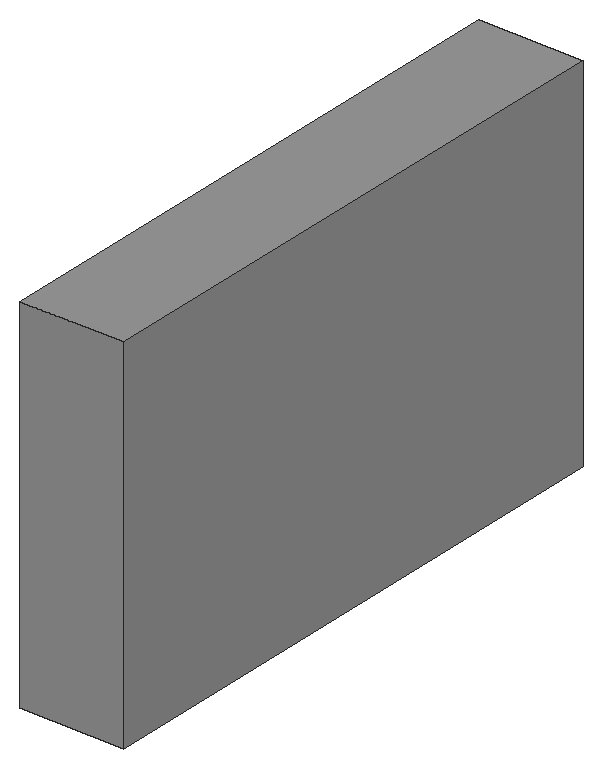
Revit family "PRE070013-FR", category Accessoire de canalisation, Revit 2017
Family settings
  Cote de connecteur circulaire = Utiliser le diamètre
  Type d'élément = Normal
  Basée sur le plan de construction = Non
  Toujours verticalement = Oui
  Couper avec des vides une fois chargée = Non
  Partagée = Non
Parameters (values of type "75391 PRESTO Sanifirst Mitigeur d'évier à bec orientable")
  Variantes = "75391"
  LC = 17.5 mm
  Garantie = "10 ans contre tout vice de fabrication"
  URL Fabricant = "http://www.prestodatashare.com/centretelechargement/index.php?lang=FR&refs=75391"
  URL = "http://www.prestodatashare.com/centretelechargement/index.php?lang=FR&refs=75391"
  Lien notice d'utilisation = "http://www.prestodatashare.com/centretelechargement/support.php?lang=FR&ref=75391"
  Lien fiche produit = "http://www.prestodatashare.com/espacedoc/Fiches_Techniques/FR/75391.pdf"
  Reference = "75391"
  Pression = "3 bar"
  Polantis code = "PRE070013"
  Perte de charge = 0.0 Pa
  Profondeur = 260 mm
  Modèle = "75391 PRESTO Sanifirst Mitigeur d'évier à bec orientable"
  Matériau = Laiton poli chromé
  Lien CCTP = "http://www.prestodatashare.com/centretelechargement/index.php?lang=FR&refs=75391"
  Largeur = 47 mm
  PC = 27.5 mm
  Hauteur = 165 mm
  Fonction = "Hauteur sous bec : 140 mm\nSaillie : 225 mm\nOrgane de manoeuvre : Manette pleine\nRéférence : 75391"
  Flux = 0.05 L/s
  Finition = "Corps lisse, bec et organe de manœuvre en laiton poli chromé."
  Fabricant = "LES ROBINETS PRESTO S.A."
  Diamètre Nominal = 12 mm
  Description = "Mitigeur d’évier monotrou sans vidage pour lave-mains, à poser sur table avec manette pleine. Bec extrudé lisse orientable Lg 225mm. Hauteur sous bec 140mm. Cartouche céramique Ø 40 multifonction : butée de limitation de température  avec 7 positions de réglage, double débit et réglage du débit maximum.  Robinetterie montée d’origine avec un mousseur M24X1. Flexibles SPEX M12X1, EP G’3/8, Lg 370mm. Fixation renforcée par une tige M8."
  Debit = "3 l/mn"
  Raccordement = "Flexibles SPEX  370 mm - M12 X 1 - EP G'3/8"
  Adresse = "7, RUE RACINE - 92542 MONTROUGE CEDEX FRANCE"
Reference planes
  plane 1 "Centre (avant/arrière)": y = 0
  plane 2: z = 0
  plane 3 "Centre (gauche/droite)": x = 0
  plane 4: y = -260
  plane 5: x = 47
  plane 6: z = 165
  plane 7: x = 23.5
  plane 8: z = 1
  plane 9: y = -27.5
  plane 10: x = 17.5
  plane 11: x = 29.5
Forms (mm)
  Extrusion 1, solid, material "Laiton poli chromé" <- "Matériau", detail levels fine
    sketch origin (0, 0, 0) x (1, 0, 0) y (0, 1, 0)
      loop
        line (0, 0) -> (0, -260) -> (47, -260) -> (47, 0) -> (0, 0)
    from 0 to 165
  Extrusion 2, solid, material "Laiton poli chromé" <- "Matériau", detail levels fine
    sketch origin (0, 0, 0) x (1, 0, 0) y (0, 1, 0)
      loop
        circle (17.5, -27.5) r 5
    from 0 to 1
  Extrusion 3, solid, material "Laiton poli chromé" <- "Matériau", detail levels fine
    sketch origin (0, 0, 0) x (1, 0, 0) y (0, 1, 0)
      loop
        circle (29.5, -27.5) r 5
    from 0 to 1
Cuts and joins
  joined: Extrusion 1, Extrusion 2, Extrusion 3
Dimensions and locks
  "Profondeur": plane 1 "Centre (avant/arrière)" to plane 4
  "Largeur": plane 3 "Centre (gauche/droite)" to plane 5
  "Hauteur": plane 6 to level
  equal spacing: plane 3 "Centre (gauche/droite)", plane 7, plane 5
  locked: plane 8 to plane 2 at 1
  "PC": plane 1 "Centre (avant/arrière)" to plane 9
  "LC": plane 3 "Centre (gauche/droite)" to plane 10
  "LC": plane 11 to plane 5
  aligned and locked: level to plane 2
  aligned and locked: plane 1 "Centre (avant/arrière)" to Extrusion 1 sketch curve
  aligned and locked: plane 3 "Centre (gauche/droite)" to Extrusion 1 sketch curve
  aligned and locked: plane 4 to Extrusion 1 sketch curve
  aligned and locked: plane 5 to Extrusion 1 sketch curve
  aligned and locked: plane 6 to Extrusion 1
  aligned and locked: plane 8 to Extrusion 2
  aligned and locked: plane 8 to Extrusion 3
  aligned and locked: plane 9 to nested 1
  aligned and locked: plane 7 to nested 1
  aligned and locked: nested 2 to plane 3 "Centre (gauche/droite)"
  aligned and locked: plane 1 "Centre (avant/arrière)" to nested 2
Automatic sketch dimensions
  Extrusion 2 sketch curve to plane 9 = 0 mm
  Extrusion 2 sketch curve to plane 10 = 0 mm
  Extrusion 3 sketch curve to plane 9 = 0 mm
  Extrusion 3 sketch curve to plane 11 = 0 mm
  radius of Extrusion 2 sketch curve = 5 mm
  radius of Extrusion 3 sketch curve = 5 mm
Nested families
  nested 1: "SymboliqueA6" at (0, -27.5, 0) x (0, 1, 0) z (0, 0, 1), type "SymboliqueA6", detail levels coarse+medium
  nested 2: "S2DA6" at (47, -130, 0) x (0, 1, 0) z (0, 0, 1), type "S2DA6", detail levels coarse+medium
Connectors
  piping at (17.5, -27.5, 0), diameter 12, driven by "Diamètre Nominal", driven by "Flux", driven by "Perte de charge"
    settings: on Extrusion 2, index 3, connector inside diameter 609.6 mm, connector length 0 mm, flow factor 0, pipe flow 0.05 L/s, pressure drop 0.0 Pa, fitting loss kfactor 0, connector angle 0.00°, fixture units 0, engagement length 0 mm, angle of deflection 0.00°, flow configuration 0, flow direction 1, fitting loss method 4, system type 19, joint type 0, gender type 0, connector reference index -1, connector utility 0, adjustable connector no, is connector primary yes, connector description ""
  piping at (29.5, -27.5, 0), diameter 12, driven by "Flux", driven by "Perte de charge", driven by "Diamètre Nominal"
    settings: on Extrusion 3, index 4, connector inside diameter 609.6 mm, connector length 0 mm, flow factor 0, pipe flow 0.05 L/s, pressure drop 0.0 Pa, fitting loss kfactor 0, connector angle 0.00°, fixture units 0, engagement length 0 mm, angle of deflection 0.00°, flow configuration 0, flow direction 1, fitting loss method 4, system type 20, joint type 0, gender type 0, connector reference index -1, connector utility 0, adjustable connector no, is connector primary no, connector description ""
Definition of nested family "SymboliqueA6"
  Parameters (values of type "SymboliqueA6")
    V = yes
    P = 1000 mm
    L = 1000 mm
    H = 1000 mm
  Reference planes
    plane 1 "Centre (avant/arrière)": y = 0
    plane 2: z = 0
    plane 3 "Centre (gauche/droite)": x = 0
    plane 4: y = -1000
    plane 5: x = -500
    plane 6: x = 500
    plane 7: z = 1000
    plane 8: z = 500
    plane 9: y = -500
  Lines and regions (mm)
    model lines
      curve 1: line (0, -1000, 1000) -> (0, 0, 0)
      curve 2: line (0, 0, 0) -> (0, -1000, 0)
      curve 3: line (0, -1000, 0) -> (0, 0, 1000)
      curve 4: line (0, 0, 1000) -> (0, -1000, 1000)
  Dimensions and locks
    "H": plane 7 to plane 2
    equal spacing: plane 5, plane 3 "Centre (gauche/droite)", plane 6
    "L": plane 5 to plane 6
    equal spacing: plane 7, plane 8, level
    equal spacing: plane 4, plane 9, plane 1 "Centre (avant/arrière)"
    "P": plane 1 "Centre (avant/arrière)" to plane 4
    aligned and locked: level to plane 2
  Automatic sketch dimensions
    curve 3 to level = 0 mm
    curve 1 to plane 1 "Centre (avant/arrière)" = 0 mm
    curve 1 to plane 7 = 0 mm
    curve 3 to plane 4 = 0 mm
    curve 3 to plane 1 "Centre (avant/arrière)" = 0 mm
    curve 4 to plane 4 = 0 mm
Definition of nested family "S2DA6"
  Parameters (values of type "S2DA6")
    P = 788.322 mm
    L = 1600 mm
    H = 1250.021 mm
  Reference planes
    plane 1 "Centre (avant/arrière)": y = 0
    plane 2: z = 0
    plane 3 "Centre (gauche/droite)": x = 0
    plane 4: y = 788.322
    plane 5: x = -800
    plane 6: x = 800
    plane 7: y = 394.161
    plane 8: z = 1250.021
    plane 9: z = 625.01
  Lines and regions (mm)
    symbolic lines
      curve 1: line (-800, 788.322, 0) -> (800, 0, 0)
      curve 2: line (800, 0, 0) -> (800, 788.322, 0)
      curve 3: line (800, 788.322, 0) -> (-800, 0, 0)
      curve 4: line (-800, 0, 0) -> (-800, 788.322, 0)
      curve 5: line (800, 0, 1250.021) -> (-800, 0, 1250.021)
      curve 6: line (-800, 0, 1250.021) -> (800, 0, 0)
      curve 7: line (800, 0, 0) -> (-800, 0, 0)
      curve 8: line (800, 0, 1250.021) -> (-800, 0, 0)
      curve 9: line (0, 788.322, 0) -> (0, 0, 1250.021)
      curve 10: line (0, 0, 1250.021) -> (0, 788.322, 1250.021)
      curve 11: line (0, 788.322, 1250.021) -> (0, 0, 0)
      curve 12: line (0, 0, 0) -> (0, 788.322, 0)
  Dimensions and locks
    equal spacing: plane 5, plane 3 "Centre (gauche/droite)", plane 6
    equal spacing: plane 1 "Centre (avant/arrière)", plane 7, plane 4
    "P": plane 1 "Centre (avant/arrière)" to plane 4
    "L": plane 5 to plane 6
    equal spacing: plane 8, plane 9, level
    "H": plane 8 to plane 2
    aligned and locked: level to plane 2
  Automatic sketch dimensions
    plane 1 "Centre (avant/arrière)" to curve 3 = 0 mm
    curve 1 to plane 4 = 0 mm
    curve 3 to plane 4 = 0 mm
    plane 1 "Centre (avant/arrière)" to curve 2 = 0 mm
    curve 3 to plane 6 = 0 mm
    curve 4 to plane 5 = 0 mm
    curve 10 to plane 1 "Centre (avant/arrière)" = 0 mm
    curve 10 to plane 8 = 0 mm
    curve 11 to plane 4 = 0 mm
    curve 12 to level = 0 mm
    curve 12 to plane 1 "Centre (avant/arrière)" = 0 mm
    curve 12 to plane 4 = 0 mm
    plane 5 to curve 5 = 0 mm
    curve 8 to level = 0 mm
    plane 5 to curve 8 = 0 mm
    plane 6 to curve 7 = 0 mm
    plane 6 to curve 8 = 0 mm
    curve 6 to plane 8 = 0 mm
